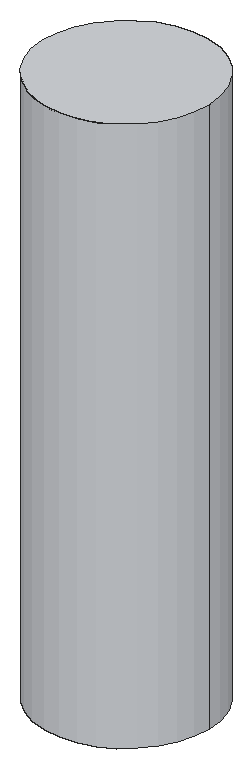
Revit family "$Player_Dog", category Generic Models, Revit 2020
Family settings
  Can host rebar = No
  Round Connector Dimension = Use Diameter
  Part Type = Normal
  Work Plane-Based = No
  Always vertical = Yes
  Cut with Voids When Loaded = No
  Shared = No
  Room Calculation Point = No
Parameters (values of type "SD")
  yes = 2 > 1  # yes
  show_standard [instance] = not(show_overweight)  # yes
  show_overweight [instance] = _property_is_overweight  # no
  no = not(yes)  # no
  mat. = none
  _property_positionID = 6
  _property_name = "Jannifer"
  _property_luck = 50
  _property_is_overweight = no
  _property_hold_status = "Hospital"
  _property_hold_amount = 1
  _asset_tools = ""
  _asset_skills = ""
  _asset_money = 4020
  _asset_direction = 1
  Default Elevation = 0 mm
Reference planes
  plane 1 "Center (Front/Back)": y = 0
  plane 2: z = 0
  plane 3 "Center (Left/Right)": x = 0
Forms (mm)
  Extrusion 1, solid, material <- "mat.", visible <- "show_standard"
    sketch origin (0, 0, 0) x (1, 0, 0) y (0, 1, 0)
      loop
        circle (0, 0) r 260
    from 0 to 1750
  Extrusion 2, solid, material <- "mat.", visible <- "show_overweight"
    sketch origin (0, 0, 0) x (1, 0, 0) y (0, 1, 0)
      loop
        circle (0, 0) r 500
    from 0 to 1300
Dimensions and locks
  aligned and locked: plane 2 to level
  aligned and locked: plane 1 "Center (Front/Back)" to nested 1
  aligned and locked: plane 3 "Center (Left/Right)" to nested 1
Nested families
  nested 1: "NAME_SYMBOL" at (0, 0, 0), _property_name <- "_property_name", _property_positionID <- "_property_positionID", type "NAME_SYMBOL"
    with _property_positionID 6, _property_name "Jannifer"
Definition of nested family "NAME_SYMBOL"
  Parameters (values of type "NAME_SYMBOL")
    _property_positionID [instance] = 0
    _property_name [instance] = ""
  Reference planes
    plane 1: y = 0
    plane 2: x = 0
  Lines and regions (mm)
    detail lines
      curve 1: line (-15, -5, 0) -> (15, -5, 0)
      curve 2: line (-15, 5, 0) -> (-15, -5, 0)
      curve 3: line (15, 5, 0) -> (-15, 5, 0)
      curve 4: line (15, -5, 0) -> (15, 5, 0)
  Text (mm)
    label "A\npositionID = _property_positionID" at (0.077, 0.299, 0), shows "_property_name", "_property_positionID"
